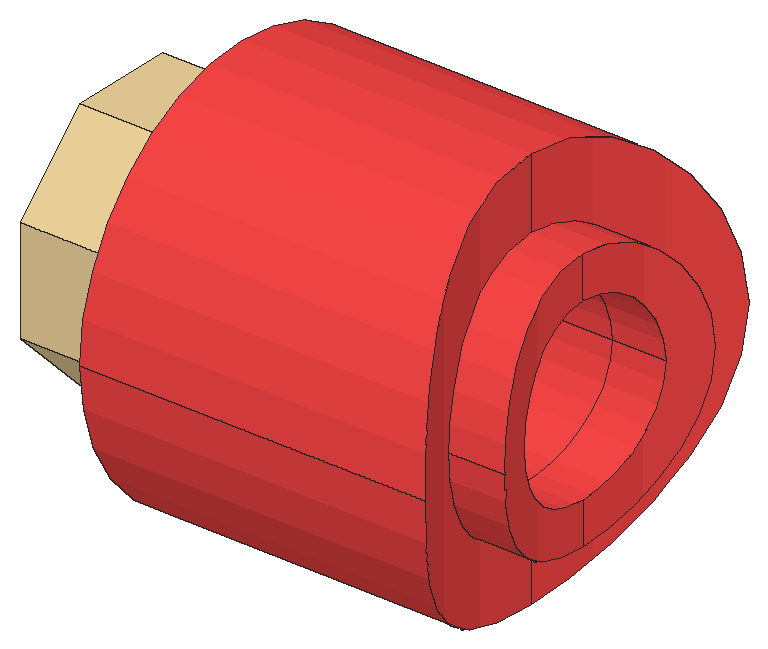
Revit family "Aquatherm_Вварное седло с внутренней резьбой", category Соединительные детали трубопроводов, Revit 2019
Family settings
  Размер круглого соединителя = Использовать диаметр
  Тип детали = Переход
  На основе рабочей плоскости = Нет
  Всегда вертикально = Да
  При загрузке вырезать с полостями = Нет
  Общий = Нет
Parameters
  Материал_Корпус_2 = AquaTherm латунь pipe
  Материал_Корпус = AquaTherm red pipe
  z [instance] = size_lookup("Вварное седло с внутренней резьбой", "z", 15 mm, d, d1, R)  # 53.5 mm
  z1 [instance] = (R1 + l - z) / 2  # 11.5 mm
  n1 [instance] = if([1], l, R1 + l - z)  # 23 mm
  n [instance] = if([1], R1 + l - z, 0 mm)  # 0 mm
  URL = "www.agpipe.ru"
  SW1 [instance] = if(R > d1, R + 9 mm, SW)  # 34 mm
  SW' [instance] = SW1 + 1 mm  # 35 mm
  SW [instance] = size_lookup("Вварное седло с внутренней резьбой", "SW", R + 10 mm, d, d1, R)  # 24 mm
  R1 [instance] = d / 2  # 37.5 mm
  d1 [instance] = 15 mm
  R [instance] = 25 mm
  D2 [instance] = d - 10 mm  # 65 mm
  d [instance] = 75 mm
  l [instance] = size_lookup("Вварное седло с внутренней резьбой", "l", 40 mm, d, d1, R)  # 39 mm
  D [instance] = size_lookup("Вварное седло с внутренней резьбой", "D", d + 14 mm, d, d1, R)  # 38.5 mm
  ADSK_Примечание = ""
  ADSK_Позиция [instance] = ""
  ADSK_Обозначение = ""
  ADSK_Наименование [instance] = size_lookup("Вварное седло с внутренней резьбой", "ADSK_Наименование", "Нет в каталоге", d, d1, R)  # "Вварное седло с внутренней резьбой/B1 DN75x15x39"
  ADSK_Масса_Текст [instance] = size_lookup("Вварное седло с внутренней резьбой", "ADSK_Масса_Текст", "Нет в каталоге", d, d1, R)  # "0.088"
  ADSK_Код изделия [instance] = size_lookup("Вварное седло с внутренней резьбой", "ADSK_Код изделия", "Нет в каталоге", d, d1, R)  # "4128220"
  ADSK_Завод-изготовитель = "Aquatherm"  # constant formula
  ADSK_Единица измерения = "шт."  # constant formula
  2 [instance] = not([1])  # yes
  1 [instance] = d1 > R  # no
Reference planes
  plane 1 "По центру (Вперед/Назад)": y = 0
  plane 2: z = 0
  plane 3 "По центру (Влево/Вправо)": x = 0
  plane 4: x = -19.5
  plane 5: x = 19.5
  plane 6: x = -57
  plane 7: y = 19.25
  plane 8: y = -19.25
  plane 9: y = 12.5
  plane 10: y = -12.5
  plane 11: y = 7.5
  plane 12: y = -7.5
  plane 13: y = 7.5
  plane 14: y = -7.5
  plane 15: x = 8
  plane 16: y = 7.5
  plane 17: y = -7.5
  plane 18: y = 3.5
  plane 19: x = 19.5
  plane 20: x = -3.5
  plane 21: x = -3.5
Forms (mm)
  Revolve 1, solid, material "AquaTherm red pipe" <- "Материал_Корпус", visible <- "1"
    sketch origin (0, 0, 0) x (1, 0, 0) y (0, 1, 0)
      loop
        line (8, 7.5) -> (8, 19.25) -> (-57, 19.25) -> (-57, 3.5) -> (-3.5, 3.5) -> (-3.5, 7.5) -> (8, 7.5)
      axis (-57, 0) -> (8, 0)
    angle from 0 to 360
  Extrusion 2, void
    sketch origin (0, 0, 0) x (1, 0, 0) y (0, 1, 0)
      loop
        circle (-57, 0) r 37.5
    from -249.569 to 503.03
  Revolve 3, solid, material "AquaTherm red pipe" <- "Материал_Корпус", visible <- "1"
    sketch origin (0, 0, 0) x (1, 0, 0) y (0, 1, 0)
      loop
        line (-19.5, 7.5) -> (-57, 7.5) -> (-57, 3.5) -> (-19.5, 3.5) -> (-19.5, 7.5)
      axis (-57, 0) -> (-19.5, 0)
    angle from 0 to 360
  Extrusion 4, void
    sketch origin (0, 0, 0) x (1, 0, 0) y (0, 1, 0)
      loop
        circle (-57, 0) r 32.5
    from -430.411 to 526.777
  Extrusion 5, solid, material "AquaTherm латунь pipe" <- "Материал_Корпус_2", visible <- "1"
    sketch origin (0, 0, 0) x (0, 1, 0) y (0, 0, 1)
      loop
        line (-7.042, 17) -> (-17, 7.042) -> (-17, -7.042) -> (-7.042, -17) -> (7.042, -17) -> (17, -7.042) -> (17, 7.042) -> (7.042, 17) -> (-7.042, 17)
      loop
        circle (0, 0) r 12.5
    from 8 to 19.5
  Extrusion 6, void
    sketch origin (0, 0, 0) x (0, 1, 0) y (0, 0, 1)
      loop
        line (-13.394, 13.394) -> (-18.942, 0) -> (-13.394, -13.394) -> (0, -18.942) -> (13.394, -13.394) -> (18.942, 0) -> (13.394, 13.394) -> (0, 18.942) -> (-13.394, 13.394)
      loop
        circle (0, 0) r 19.25
    from 8 to 19.5
Cuts and joins
  Extrusion 2, Extrusion 4, Extrusion 6 cuts Revolve 1
  Extrusion 4, Extrusion 6 cuts Revolve 3
  joined: Revolve 1, Revolve 3
  Extrusion 6 cuts Extrusion 5
Lines and regions (mm)
  reference lines
    curve 1: line (-3.5, 0, 0) -> (19.5, 0, 0)
Dimensions and locks
  "R1": plane 6 to plane 4
  equal spacing: plane 7, plane 1 "По центру (Вперед/Назад)", plane 8
  "D": plane 7 to plane 8
  equal spacing: plane 9, plane 1 "По центру (Вперед/Назад)", plane 10
  "R": plane 9 to plane 10
  equal spacing: plane 11, plane 1 "По центру (Вперед/Назад)", plane 12
  "d1": plane 11 to plane 12
  equal spacing: plane 13, plane 1 "По центру (Вперед/Назад)", plane 14
  "d1": plane 13 to plane 14
  locked: plane 13 to Revolve 3 sketch curve at 4
  equal spacing: Extrusion 5 sketch curve, level, Extrusion 5 sketch curve
  "SW1": Extrusion 5 sketch curve to Extrusion 5 sketch curve  (x4)
  equal spacing: Extrusion 5 sketch curve, plane 1 "По центру (Вперед/Назад)", Extrusion 5 sketch curve
  equal spacing: Extrusion 5 sketch curve, curve 1, Extrusion 5 sketch curve  (x2)
  equal spacing: Extrusion 6 sketch curve, curve 1, Extrusion 6 sketch curve  (x4)
  "SW'": Extrusion 6 sketch curve to Extrusion 6 sketch curve  (x4)
  equal spacing: plane 17, plane 1 "По центру (Вперед/Назад)", plane 16
  "d1": plane 17 to plane 16
  locked: plane 18 to plane 16 at 4
  Revolve 1 sketch curve to Revolve 1 sketch curve = 4 mm
  "n": plane 19 to plane 5
  "n1": plane 20 to plane 5
  equal spacing: plane 4, plane 3 "По центру (Влево/Вправо)", plane 5
  "l": plane 4 to plane 5
  "z": plane 6 to plane 21
  "z1": plane 15 to plane 5
  "d": diameter of Extrusion 2 sketch curve
  "D2": diameter of Extrusion 4 sketch curve
  "R": diameter of Extrusion 5 sketch curve
  "D": diameter of Extrusion 6 sketch curve
  locked: Extrusion 5 sketch curve to Extrusion 5 sketch curve (angle 135.00°)  (x4)
  locked: Extrusion 6 sketch curve to Extrusion 6 sketch curve (angle 135.00°)  (x4)
  aligned and locked: level to plane 2
  aligned and locked: plane 7 to Revolve 1 sketch curve
  aligned and locked: plane 6 to Revolve 1 sketch curve  (x2)
  aligned and locked: plane 6 to Extrusion 2 sketch curve
  aligned and locked: plane 1 "По центру (Вперед/Назад)" to Extrusion 2 sketch curve
  aligned and locked: Revolve 3 sketch curve to plane 6
  aligned and locked: Revolve 3 sketch curve to plane 11
  aligned and locked: plane 4 to Revolve 3 sketch curve
  aligned and locked: plane 1 "По центру (Вперед/Назад)" to curve 1
  aligned and locked: plane 5 to Extrusion 5
  aligned and locked: Extrusion 5 to plane 15
  aligned and locked: plane 5 to Extrusion 6
  aligned and locked: cut or joined group of Extrusion 5, Extrusion 6 to plane 15
  aligned and locked: Revolve 1 sketch curve to plane 18
  aligned and locked: nested 1 to plane 1 "По центру (Вперед/Назад)"
  aligned and locked: plane 19 to curve 1
  aligned and locked: plane 20 to curve 1
  aligned and locked: plane 4 to nested 1
  aligned and locked: Revolve 1 sketch curve to plane 21
Automatic sketch dimensions
  Revolve 1 sketch curve to plane 15 = 0 mm
  plane 1 "По центру (Вперед/Назад)" to Revolve 1 sketch curve = 0 mm
  plane 5 to Revolve 1 sketch curve = 10.272 mm
  plane 1 "По центру (Вперед/Назад)" to Revolve 3 sketch curve = 0 mm
  Revolve 3 sketch curve to plane 6 = 7.956 mm
  plane 5 to Revolve 3 sketch curve = 1.203 mm
  plane 1 "По центру (Вперед/Назад)" to Extrusion 4 sketch curve = 0 mm
  Extrusion 4 sketch curve to plane 6 = 0 mm
  Extrusion 5 sketch curve to level = 0 mm
  Extrusion 5 sketch curve to plane 1 "По центру (Вперед/Назад)" = 0 mm
  Extrusion 6 sketch curve to plane 1 "По центру (Вперед/Назад)" = 0 mm  (x2)
  Extrusion 6 sketch curve to level = 0 mm  (x2)
Nested families
  nested 1: "седло" at (0, 0, 0) x (-1, 0, 0) z (0, 0, 1), D1 <- "d", d <- "R", l <- "l", D <- "D", R <- "d1", SW <- "SW", Материал_Корпус <- "Материал_Корпус", 2 <- "2", z <- "z", type "седло"
    with Материал_Корпус AquaTherm red pipe, Латунь yes, z1 11.5 mm, z 53.5 mm, lt 0 mm, l 39 mm, d 25 mm, SW1 24 mm, SW' 25 mm, SW 24 mm, R1 37.5 mm, R 15 mm, D2 65 mm, D1 75 mm, D 38.5 mm, 2 yes
Connectors
  piping at (-3.5, 0, 0), diameter 15, driven by "d1"
    settings: on curve 1, index 1, connector inside diameter 609.6 mm, connector length 0 mm, flow factor 0, pipe flow 0.0 L/s, pressure drop 0.0 Pa, fitting loss kfactor 0, connector angle 0.00°, fixture units 0, engagement length 0 mm, angle of deflection 0.00°, flow configuration 0, flow direction 0, fitting loss method 0, system type 28, joint type 0, gender type 0, connector reference index 2, connector utility 0, adjustable connector no, is connector primary yes, connector description ""
  piping at (19.5, 0, 0), diameter 25, driven by "R"
    settings: on curve 1, index 2, connector inside diameter 609.6 mm, connector length 0 mm, flow factor 0, pipe flow 0.0 L/s, pressure drop 0.0 Pa, fitting loss kfactor 0, connector angle 0.00°, fixture units 0, engagement length 0 mm, angle of deflection 0.00°, flow configuration 0, flow direction 0, fitting loss method 0, system type 28, joint type 0, gender type 0, connector reference index 1, connector utility 0, adjustable connector no, is connector primary no, connector description ""
Definition of nested family "седло"
  Parameters (values of type "седло")
    Материал_Корпус_2 = none
    Материал_Корпус [instance] = none
    Латунь [instance] = yes
    z [instance] = 43 mm
    z1 [instance] = (R1 + l - z) / 2  # 8 mm
    lt [instance] = 0 mm
    SW1 [instance] = if(R > d, R + 9 mm, SW)  # 24 mm
    SW' [instance] = SW1 + 1 mm  # 25 mm
    SW [instance] = 24 mm
    R1 [instance] = D1 / 2  # 20 mm
    d [instance] = 25 mm
    R [instance] = 15 mm
    D2 [instance] = D1 - 10 mm  # 30 mm
    D1 [instance] = 40 mm
    l [instance] = 39 mm
    D [instance] = 38.5 mm
    2 [instance] = yes
  Reference planes
    plane 1 "По центру (Вперед/Назад)": y = 0
    plane 2: z = 0
    plane 3 "По центру (Влево/Вправо)": x = 0
    plane 4: x = -19.5
    plane 5: x = 19.5
    plane 6: x = -39.5
    plane 7: y = 19.25
    plane 8: y = -19.25
    plane 9: y = 7.5
    plane 10: y = -7.5
    plane 11: y = 12.5
    plane 12: y = -12.5
    plane 13: y = 12.5
    plane 14: y = -12.5
    plane 15: x = 11.5
    plane 16: y = 12.5
    plane 17: y = -12.5
    plane 18: y = 8.5
    plane 19: x = 3.5
  Forms (mm)
    Revolve 1, solid, material <- "Материал_Корпус", visible <- "2"
      sketch origin (0, 0, 0) x (1, 0, 0) y (0, 1, 0)
        loop
          line (11.5, 8.5) -> (11.5, 19.25) -> (-39.5, 19.25) -> (-39.5, 8.5) -> (11.5, 8.5)
        axis (-39.5, 0) -> (11.5, 0)
      angle from 0 to 360
    Extrusion 2, void
      sketch origin (0, 0, 0) x (1, 0, 0) y (0, 1, 0)
        loop
          circle (-39.5, 0) r 20
      from -249.569 to 503.03
    Revolve 3, solid, material <- "Материал_Корпус", visible <- "2"
      sketch origin (0, 0, 0) x (1, 0, 0) y (0, 1, 0)
        loop
          line (-19.5, 12.5) -> (-39.5, 12.5) -> (-39.5, 8.5) -> (-19.5, 8.5) -> (-19.5, 12.5)
        axis (-39.5, 0) -> (-19.5, 0)
      angle from 0 to 360
    Extrusion 4, void
      sketch origin (0, 0, 0) x (1, 0, 0) y (0, 1, 0)
        loop
          circle (-39.5, 0) r 15
      from -430.411 to 526.777
    Extrusion 5, solid, material <- "Материал_Корпус_2", visible <- "2"
      sketch origin (0, 0, 0) x (0, 1, 0) y (0, 0, 1)
        loop
          line (-4.971, 12) -> (-12, 4.971) -> (-12, -4.971) -> (-4.971, -12) -> (4.971, -12) -> (12, -4.971) -> (12, 4.971) -> (4.971, 12) -> (-4.971, 12)
        loop
          circle (0, 0) r 7.5
      from 11.5 to 19.5
  Cuts and joins
    Extrusion 2, Extrusion 4 cuts Revolve 1
    Extrusion 4 cuts Revolve 3
    joined: Revolve 1, Revolve 3
  Dimensions and locks
    "R1": plane 6 to plane 4
    equal spacing: plane 7, plane 1 "По центру (Вперед/Назад)", plane 8
    "D": plane 7 to plane 8
    equal spacing: plane 9, plane 1 "По центру (Вперед/Назад)", plane 10
    "R": plane 9 to plane 10
    equal spacing: plane 11, plane 1 "По центру (Вперед/Назад)", plane 12
    "d": plane 11 to plane 12
    equal spacing: plane 13, plane 1 "По центру (Вперед/Назад)", plane 14
    "d": plane 13 to plane 14
    locked: plane 13 to Revolve 3 sketch curve at 4
    equal spacing: Extrusion 5 sketch curve, level, Extrusion 5 sketch curve
    "SW1": Extrusion 5 sketch curve to Extrusion 5 sketch curve  (x4)
    equal spacing: Extrusion 5 sketch curve, plane 1 "По центру (Вперед/Назад)", Extrusion 5 sketch curve  (x3)
    equal spacing: plane 17, plane 1 "По центру (Вперед/Назад)", plane 16
    "d": plane 17 to plane 16
    locked: plane 18 to plane 16 at 4
    "z1": plane 15 to plane 5
    equal spacing: plane 4, plane 3 "По центру (Влево/Вправо)", plane 5
    "l": plane 4 to plane 5
    "z": plane 6 to plane 19
    "D1": diameter of Extrusion 2 sketch curve
    "D2": diameter of Extrusion 4 sketch curve
    "R": diameter of Extrusion 5 sketch curve
    locked: Extrusion 5 sketch curve to Extrusion 5 sketch curve (angle 135.00°)  (x4)
    aligned and locked: level to plane 2
    aligned and locked: plane 7 to Revolve 1 sketch curve
    aligned and locked: plane 6 to Revolve 1 sketch curve  (x2)
    aligned and locked: plane 6 to Extrusion 2 sketch curve
    aligned and locked: plane 1 "По центру (Вперед/Назад)" to Extrusion 2 sketch curve
    aligned and locked: Revolve 3 sketch curve to plane 6
    aligned and locked: Revolve 3 sketch curve to plane 11
    aligned and locked: plane 4 to Revolve 3 sketch curve
    aligned and locked: plane 15 to Revolve 1 sketch curve
    aligned and locked: plane 5 to Extrusion 5
    aligned and locked: Extrusion 5 to plane 15
    aligned and locked: Revolve 1 sketch curve to plane 18
  Automatic sketch dimensions
    plane 1 "По центру (Вперед/Назад)" to Revolve 1 sketch curve = 0 mm
    plane 5 to Revolve 1 sketch curve = 10.272 mm
    plane 1 "По центру (Вперед/Назад)" to Revolve 3 sketch curve = 0 mm
    Revolve 3 sketch curve to plane 6 = 7.956 mm
    Revolve 3 sketch curve to plane 5 = 3.655 mm
    plane 1 "По центру (Вперед/Назад)" to Extrusion 4 sketch curve = 0 mm
    Extrusion 4 sketch curve to plane 6 = 0 mm
    Extrusion 5 sketch curve to level = 0 mm
    Extrusion 5 sketch curve to plane 1 "По центру (Вперед/Назад)" = 0 mm
